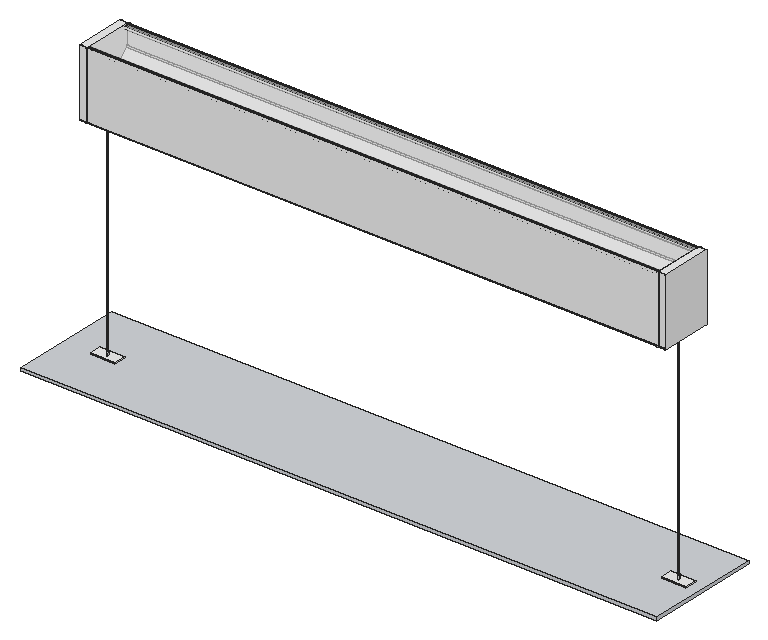
Revit family
Parameters (values of type "BBDILED-640-400-80-40-ASO-4")
  With Multiple Lamps = Fixture Length > 108"  # no
  With Additional Lamp = and(Fixture Length < 120", Fixture Length > 48")  # no
  Wattage = 40 W
  built-in parameter 1150110 = 1 (stored number, unit not read)
  Voltage = 120 V
  URL = "http://www.axislighting.com/CMS/itemsDetail_beam4LED.php?205"
  built-in parameter 1114217 = 1 (stored number, unit not read)
  Total Lamp Wattage = Lamp Wattage * Number of Lamps  # 34.8 VA
  Tilt Angle = 90.00°
  built-in parameter 1150109 = 1 (stored number, unit not read)
  built-in parameter 1150134 = (empty or 0)
  Suspension Length [instance] = 18"
  Suspension Finish = Steel - Axis - White
  built-in parameter 1150113 = 1 (stored number, unit not read)
  Reflector Finish = Steel - Axis - White Powder Coated
  Product Order Length = 48"
  Product ID = "BBDILED"
  Photometric Web File = "BBDILED-B3-MF-640-400-80-35-SO.ies"
  Other = ""
  Optics Length = Fixture Length - 1 1/4"  # 46 3/4"
  Number of Lamps = Product Order Length / 12"  # 4
  Mounting Configuration = if(Product Order Length < 156", 2, if(Product Order Length < 300", 3, if(Product Order Length < 444", 4, if(Product Order Length < 564", 5, if(Product Order Length < 708", 6, if(Product Order Length < 852", 7, if(Product Order Length < 972", 8, if(Product Order Length = 1296", 11, if(Product Order Length = 1680", 13, if(Product Order Length = 1776", 14, if(Product Order Length = 1848", 15, if(Product Order Length = 1872", 15, if(Product Order Length = 1896", 15, 2)))))))))))))  # 2
  Model = "BEAM4 LED Pendant Asymmetric Mount - Direct/Indirect"
  Manufacturer = "Axis Lighting"
  built-in parameter 1150105 = 331.04 (stored number, unit not read)
  Lumens = 4160 lm
  built-in parameter 1150115 = 1 (stored number, unit not read)
  built-in parameter 1150137 = (empty or 0)
  built-in parameter 1150139 = (empty or 0)
  Lens Length = if(Fixture Length > 108", (Fixture Length - (2 * End Cap Length)) / Lamp Configuration, Fixture Length - (2 * End Cap Length))  # 46 3/4"
  Lens Finish = Acrylic - Axis - Frosted
  Lamp Wattage = 8.7 VA
  built-in parameter 1150112 = 1 (stored number, unit not read)
  Lamp Multiplier = if(Fixture Length > 108", (Fixture Length / 48") - 1, 2)  # 2
  built-in parameter 1150114 = 1 (stored number, unit not read)
  Lamp Distance = Lens Length  # 46 3/4"
  Lamp Configuration = if(Product Order Length > 96", Product Order Length / 48", 2)  # 2
  Lamp = "LED"
  Keynote = "16510"
  built-in parameter 1150132 = 2
  built-in parameter 1150102 = (empty or 0)
  built-in parameter 1150107 = 3500 (stored number, unit not read)
  built-in parameter 1150138 = (empty or 0)
  built-in parameter 1150106 = 3.3104 (stored number, unit not read)
  IC Controls = ""
  Housing Finish = Aluminum - Axis - White
  Fixture Width = 4 5/32"  # constant formula
  Fixture Length = Product Order Length  # 48"
  Fixture Depth = 5 1/2"  # constant formula
  End Cap Length = 5/8"  # constant formula
  Emit from Line Length = Lamp Distance  # 46 3/4"
  built-in parameter 1150104 = 9.6619 (stored number, unit not read)
  Dimming Lamp Color Temperature Shift = (empty or 0)
  Description = "LED Pendant Asymmetric Mount Direct/Indirect Lighting Fixture with Spotless Lens"
  Default Elevation = 48"
  Custom = ""
  Color Filter = 16777215
  Circuit = 1
  built-in parameter 1114218 = 1 (stored number, unit not read)
  built-in parameter 1150133 = 10 (stored number, unit not read)
  Assembly Code = "D5020200"
  Apparent Load = Total Lamp Wattage  # 34.8 VA
Types (5): name | With Additional Lamp | Wattage | Total Lamp Wattage | Product Order Length | Optics Length | Number of Lamps | Model | built-in parameter 1150105 | Lumens | Lens Length | Lamp Distance | built-in parameter 1150106 | Fixture Length | Emit from Line Length | Apparent Load
  (no name) | no | 40 W | 34.8 VA | 48" | 46 3/4" | 4 | "BEAM4 LED Pendant Asymmetric Mount - Direct/Indirect" | 331.04 (stored number, unit not read) | 4160 lm | 46 3/4" | 46 3/4" | 3.3104 (stored number, unit not read) | 48" | 46 3/4" | 34.8 VA
  BBDILED-640-400-80-40-ASO-4 | no | 40 W | 34.8 VA | 48" | 46 3/4" | 4 | "BEAM4 LED Pendant Asymmetric Mount - Direct/Indirect" | 331.04 (stored number, unit not read) | 4160 lm | 46 3/4" | 46 3/4" | 3.3104 (stored number, unit not read) | 48" | 46 3/4" | 34.8 VA
  BBDILED-640-400-80-40-ASO-2 | no | 20 W | 17.4 VA | 24" | 22 3/4" | 2 | "BEAM4 LED Asymmetric Pendant Mount - Direct/Indirect" | 165.52 (stored number, unit not read) | 2080 lm | 22 3/4" | 22 3/4" | 1.6552 (stored number, unit not read) | 24" | 22 3/4" | 17.4 VA
  BBDILED-640-400-80-40-ASO-3 | no | 30 W | 26.1 VA | 36" | 34 3/4" | 3 | "BEAM4 LED Pendant Asymmetric Mount - Direct/Indirect" | 248.28 (stored number, unit not read) | 3120 lm | 34 3/4" | 34 3/4" | 2.4828 (stored number, unit not read) | 36" | 34 3/4" | 26.1 VA
  BBDILED-640-400-80-40-ASO-5 | yes | 50 W | 43.5 VA | 60" | 58 3/4" | 5 | "BEAM4 LED Asymmetric Pendant Mount - Direct/Indirect" | 413.8 (stored number, unit not read) | 5200 lm | 58 3/4" | 58 3/4" | 4.138 (stored number, unit not read) | 60" | 58 3/4" | 43.5 VA
Reference planes (in)
  plane 1 "Center (Front/Back)": y = 0
  plane 2: z = 0
  plane 3 "Center (Left/Right)": x = 0
  plane 4: x = -24
  plane 5: x = 24
  plane 6: x = -23.375
  plane 7: x = 23.375
  plane 8: z = 18
  plane 9: y = -2.07813
  plane 10: y = 2.07812
  plane 11: z = 23.5
  plane 12: z = 20.84375
  plane 13: z = 19.85
  plane 14: x = -23.375
  plane 15: x = 23.375
  plane 16: x = 0
  plane 17: x = 70.125
  plane 18: x = 46.75
  plane 19: x = -23.375
  plane 20: x = 23.375
  plane 21: x = 0
Forms (in)
  Extrusion 1, solid
    sketch origin (0, 0, 0) x (1, 0, 0) y (0, 1, 0)
      loop
        line (-26.75, 4.70508) -> (-26.75, -4.70508) -> (25.31417, -4.70508) -> (25.31417, 4.70508) -> (-26.75, 4.70508)
    from 0 to -0.25
  Extrusion 2, solid, material "Aluminum - Axis - White" <- "Housing Finish"
    sketch origin (0, 0, 0) x (0, 1, 0) y (0, 0, 1)
      loop
        line (2.04687, 23.5) -> (-2.04688, 23.5)
        arc (-2.04688, 23.5) -> (-2.06897, 23.49085) -> (-2.07813, 23.46875) r 0.03125
        line (-2.07813, 23.46875) -> (-2.07813, 18.03125)
        arc (-2.07813, 18.03125) -> (-2.06897, 18.00915) -> (-2.04688, 18) r 0.03125
        line (-2.04688, 18) -> (2.04687, 18)
        arc (2.04687, 18) -> (2.06897, 18.00915) -> (2.07812, 18.03125) r 0.03125
        line (2.07812, 18.03125) -> (2.07812, 23.46875)
        arc (2.07812, 23.46875) -> (2.06897, 23.49085) -> (2.04687, 23.5) r 0.03125
    from -24 to -23.375
  Extrusion 3, solid, material "Aluminum - Axis - White" <- "Housing Finish"
    sketch origin (0, 0, 0) x (0, 1, 0) y (0, 0, 1)
      loop
        line (2.04687, 23.5) -> (-2.04688, 23.5)
        arc (-2.04688, 23.5) -> (-2.06897, 23.49085) -> (-2.07813, 23.46875) r 0.03125
        line (-2.07813, 23.46875) -> (-2.07813, 18.03125)
        arc (-2.07813, 18.03125) -> (-2.06897, 18.00915) -> (-2.04688, 18) r 0.03125
        line (-2.04688, 18) -> (2.04687, 18)
        arc (2.04687, 18) -> (2.06897, 18.00915) -> (2.07812, 18.03125) r 0.03125
        line (2.07812, 18.03125) -> (2.07812, 23.46875)
        arc (2.07812, 23.46875) -> (2.06897, 23.49085) -> (2.04687, 23.5) r 0.03125
    from 23.375 to 24
  Extrusion 4, solid, material "Acrylic - Axis - Frosted" <- "Lens Finish"
    sketch origin (0, 0, 0) x (0, 1, 0) y (0, 0, 1)
      loop
        line (1.96562, 18.05) -> (-1.96563, 18.05) -> (-1.96563, 18) -> (1.96562, 18) -> (1.96562, 18.05)
    from -23.375 to 23.375
  Sweep 5, solid, material "Steel - Axis - White Powder Coated" <- "Reflector Finish"
    path origin (0, 0, 0) x (1, 0, 0) y (0, 1, 0)
      loop
        line (23.375, 0) -> (-23.375, 0)
    profile "BBDILED-ASY-Profile-Reflector : BBDILED-ASY-Profile-Reflector" origin (0, 0, 0) x (0, -1, 0) y (0, 0, 1)
      loop
        line (1.54761, 18.48068) -> (0.21545, 19.26483) -> (0.19959, 19.2379) -> (1.5391, 18.44943) -> (1.87627, 18.44943) -> (1.87627, 18.48068) -> (1.54761, 18.48068)
      loop
        line (-0.86692, 19.57796) -> (-1.65215, 18.48068) -> (-1.85302, 18.48068) -> (-1.85302, 18.44943) -> (-1.63609, 18.44943) -> (-0.85085, 19.54671) -> (-0.32503, 19.54671) -> (-0.2313, 19.49153) -> (-0.21545, 19.51846) -> (-0.31652, 19.57796) -> (-0.86692, 19.57796)
      loop
        line (1.64674, 22.99915) -> (0.15448, 21.50353) -> (0.17658, 21.48144) -> (1.66386, 22.97206) -> (1.82172, 23.02804) -> (1.87597, 23.02804) -> (1.87597, 23.05929) -> (1.81635, 23.05929) -> (1.64674, 22.99915)
      loop
        line (-1.86599, 21.99926) -> (-1.89724, 21.99926) -> (-1.89724, 21.79232) -> (-0.96336, 20.89158) -> (-0.41196, 20.89158) -> (-0.17658, 21.12749) -> (-0.19867, 21.14958) -> (-0.42492, 20.92283) -> (-0.67492, 20.92283) -> (-0.95074, 20.92283) -> (-1.86599, 21.8056) -> (-1.86599, 21.99926)
  Sweep 6, solid, material "Acrylic - Axis - Frosted" <- "Lens Finish"
    path origin (0, 0, 0) x (1, 0, 0) y (0, 1, 0)
      loop
        line (23.375, 0) -> (-23.375, 0)
    profile "BBDILED-Profile-Lens : BBDILED-Profile-Lens" origin (0, 0, 0) x (0, -1, 0) y (0, 0, 1)
      loop
        line (-1.79405, 23.43) -> (1.79405, 23.43)
        arc (1.79405, 23.43) -> (1.81337, 23.41518) -> (1.80405, 23.39268) r 0.02
        line (1.80405, 23.39268) -> (1.74405, 23.35804)
        arc (1.74405, 23.35804) -> (1.73673, 23.33072) -> (1.76405, 23.3234) r 0.02
        line (1.76405, 23.3234) -> (1.83782, 23.36599) -> (1.86011, 23.30536)
        arc (1.86011, 23.30536) -> (1.85982, 23.21545) -> (1.80089, 23.14755) r 0.12908
        arc (1.80089, 23.14755) -> (1.79294, 23.1204) -> (1.82008, 23.11245) r 0.02
        arc (1.82008, 23.11245) -> (1.89727, 23.2014) -> (1.89766, 23.31916) r 0.16908
        line (1.89766, 23.31916) -> (1.86558, 23.40637)
        arc (1.86558, 23.40637) -> (1.86854, 23.42931) -> (1.88905, 23.44) r 0.025
        line (1.88905, 23.44) -> (1.93835, 23.44) -> (1.96019, 23.5) -> (-1.96019, 23.5) -> (-1.93835, 23.44) -> (-1.88905, 23.44)
        arc (-1.88905, 23.44) -> (-1.86854, 23.42931) -> (-1.86558, 23.40637) r 0.025
        line (-1.86558, 23.40637) -> (-1.89766, 23.31916)
        arc (-1.89766, 23.31916) -> (-1.89727, 23.2014) -> (-1.82008, 23.11245) r 0.16908
        arc (-1.82008, 23.11245) -> (-1.79294, 23.1204) -> (-1.80089, 23.14755) r 0.02
        arc (-1.80089, 23.14755) -> (-1.85982, 23.21545) -> (-1.86011, 23.30536) r 0.12908
        line (-1.86011, 23.30536) -> (-1.83782, 23.36599) -> (-1.76405, 23.3234)
        arc (-1.76405, 23.3234) -> (-1.73673, 23.33072) -> (-1.74405, 23.35804) r 0.02
        line (-1.74405, 23.35804) -> (-1.80405, 23.39268)
        arc (-1.80405, 23.39268) -> (-1.81337, 23.41518) -> (-1.79405, 23.43) r 0.02
  Sweep 7, solid, material "Aluminum - Axis - White" <- "Housing Finish"
    path origin (0, 0, 0) x (1, 0, 0) y (0, 1, 0)
      loop
        line (23.375, 0) -> (-23.375, 0)
    profile "BBDILED-Profile-Housing : BBDILED-Profile-Housing" origin (0, 0, 0) x (0, -1, 0) y (0, 0, 1)
      loop
        line (-2.07812, 23.46875) -> (-2.07812, 18.03125)
        arc (-2.07812, 18.03125) -> (-2.06897, 18.00915) -> (-2.04687, 18) r 0.03125
        line (-2.04687, 18) -> (-1.98812, 18) -> (-1.98812, 18.0857) -> (-1.94473, 18.0857) -> (-1.92694, 18.04378) -> (-1.89012, 18.0594) -> (-1.92781, 18.1482) -> (-2.00312, 18.1482) -> (-2.00312, 23.365)
        arc (-2.00312, 23.365) -> (-1.99727, 23.37914) -> (-1.98312, 23.385) r 0.02
        line (-1.98312, 23.385) -> (-1.88312, 23.385)
        arc (-1.88312, 23.385) -> (-1.87013, 23.3925) -> (-1.87013, 23.4075) r 0.015
        line (-1.87013, 23.4075) -> (-1.89179, 23.445) -> (-1.98812, 23.445) -> (-1.98812, 23.48)
        arc (-1.98812, 23.48) -> (-1.99398, 23.49414) -> (-2.00812, 23.5) r 0.02
        line (-2.00812, 23.5) -> (-2.04687, 23.5)
        arc (-2.04687, 23.5) -> (-2.06897, 23.49085) -> (-2.07812, 23.46875) r 0.03125
      loop
        arc (2.07813, 23.46875) -> (2.06897, 23.49085) -> (2.04688, 23.5) r 0.03125
        line (2.04688, 23.5) -> (2.00813, 23.5)
        arc (2.00813, 23.5) -> (1.99398, 23.49414) -> (1.98813, 23.48) r 0.02
        line (1.98813, 23.48) -> (1.98813, 23.445) -> (1.89179, 23.445) -> (1.87013, 23.4075)
        arc (1.87013, 23.4075) -> (1.87013, 23.3925) -> (1.88313, 23.385) r 0.015
        line (1.88313, 23.385) -> (1.98313, 23.385)
        arc (1.98313, 23.385) -> (1.99727, 23.37914) -> (2.00313, 23.365) r 0.02
        line (2.00313, 23.365) -> (2.00313, 18.1482) -> (1.92781, 18.1482) -> (1.89012, 18.0594) -> (1.92694, 18.04378) -> (1.94473, 18.0857) -> (1.98813, 18.0857) -> (1.98813, 18) -> (2.04688, 18)
        arc (2.04688, 18) -> (2.06897, 18.00915) -> (2.07813, 18.03125) r 0.03125
        line (2.07813, 18.03125) -> (2.07813, 23.46875)
Dimensions and locks (in)
  "Fixture Length": plane 4 to plane 5
  equal spacing: plane 4, plane 3 "Center (Left/Right)", plane 5
  locked: plane 4 to plane 6 at 0.625
  locked: plane 7 to plane 5 at 0.625
  "Suspension Length": plane 8 to plane 2
  "Fixture Width": plane 9 to plane 10
  equal spacing: plane 9, plane 1 "Center (Front/Back)", plane 10
  "Fixture Depth": plane 11 to plane 8
  locked: Extrusion 4 sketch curve to plane 9 at 0.1125
  locked: plane 10 to Extrusion 4 sketch curve at 0.1125
  locked: Extrusion 4 sketch curve to plane 8 at 0.05
  locked: plane 12 to plane 8 at 2.84375
  group 1 to group 2 = 46 3/4"
  group 1 to group 2 = 0"  (x2)
  "Lamp Distance": plane 14 to plane 15
  equal spacing: plane 14, plane 16, plane 15
  "Lamp Distance": plane 15 to plane 17
  equal spacing: plane 15, plane 18, plane 17
  "Lamp Distance": plane 19 to plane 20
  equal spacing: plane 19, plane 21, plane 20
  group 3 to group 4 = 46 3/4"
  group 3 to group 4 = 0"  (x2)
  locked: plane 13 to plane 8 at 1.85
  aligned and locked: plane 2 to Extrusion 1
  aligned and locked: level to Extrusion 1
  aligned and locked: plane 1 "Center (Front/Back)" to nested 1
  aligned and locked: plane 3 "Center (Left/Right)" to nested 1
  aligned and locked: plane 11 to Extrusion 2 sketch curve
  aligned and locked: plane 9 to Extrusion 2 sketch curve
  aligned and locked: plane 8 to Extrusion 2 sketch curve
  aligned and locked: plane 10 to Extrusion 2 sketch curve
  aligned and locked: Extrusion 2 to plane 4
  aligned and locked: plane 6 to Extrusion 2
  aligned and locked: plane 11 to Extrusion 3 sketch curve
  aligned and locked: plane 9 to Extrusion 3 sketch curve
  aligned and locked: plane 8 to Extrusion 3 sketch curve
  aligned and locked: plane 10 to Extrusion 3 sketch curve
  aligned and locked: plane 5 to Extrusion 3
  aligned and locked: Extrusion 3 to plane 7
  aligned and locked: plane 8 to Extrusion 4 sketch curve
  aligned and locked: Extrusion 4 to plane 6
  aligned and locked: plane 7 to Extrusion 4
  aligned and locked: plane 1 "Center (Front/Back)" to imposter light
  aligned and locked: imposter light to plane 13
  aligned and locked: Sweep 5 sketch curve to plane 1 "Center (Front/Back)"
  aligned and locked: plane 6 to Sweep 5 sketch curve
  aligned and locked: plane 7 to Sweep 5 sketch curve
  aligned and locked: Sweep 6 sketch curve to plane 1 "Center (Front/Back)"
  aligned and locked: plane 6 to Sweep 6 sketch curve
  aligned and locked: plane 7 to Sweep 6 sketch curve
  aligned and locked: Sweep 7 sketch curve to plane 1 "Center (Front/Back)"
  aligned and locked: plane 7 to Sweep 7 sketch curve
  aligned and locked: plane 6 to Sweep 7 sketch curve
  aligned and locked: nested 2 to plane 2
  aligned and locked: plane 1 "Center (Front/Back)" to nested 2
  aligned and locked: plane 6 to nested 2
  aligned and locked: plane 7 to nested 3
  aligned and locked: plane 1 "Center (Front/Back)" to nested 3
  aligned and locked: nested 3 to plane 2
  aligned and locked: plane 14 to plane 6
  aligned and locked: imposter light to plane 16
  aligned and locked: plane 20 to plane 7
  aligned and locked: plane 21 to nested 4
  aligned and locked: plane 1 "Center (Front/Back)" to nested 4
  aligned and locked: plane 18 to nested 5
  aligned and locked: plane 1 "Center (Front/Back)" to nested 5
  aligned and locked: plane 21 to nested 6
  aligned and locked: plane 1 "Center (Front/Back)" to nested 6
Automatic sketch dimensions
  Extrusion 1 sketch curve to Extrusion 1 sketch curve = 52.06417"
  Extrusion 1 sketch curve to Extrusion 1 sketch curve = 9 105/256"
  Extrusion 2 sketch curve to plane 9 = 1/32"  (x2)
  Extrusion 2 sketch curve to Extrusion 2 sketch curve = 1/32"  (x2)
  Extrusion 3 sketch curve to plane 9 = 1/32"
  Extrusion 3 sketch curve to Extrusion 3 sketch curve = 1/32"  (x2)
  plane 10 to Extrusion 3 sketch curve = 1/32"
Nested families (in)
  nested 1: "Lighting-Pendant-Axis-Symbol" at (0, 0, 0), type "Lighting-Pendant-Axis-Symbol"
  nested 2: "BBDILED-Component-Suspension" at (-23.375, 0, 0), type "Cable"
  nested 3: "BBDILED-Component-Suspension" at (23.375, 0, 0), type "Cable"
  nested 4: "BBDILED-Light" at (0, 0, 0), visible <- "With Multiple Lamps", type "Multiple"
  nested 5: "BBDILED-Light" at (46.75, 0, 0), visible <- "With Multiple Lamps", type "Multiple"
  nested 6: "BBDILED-Light" at (0, 0, 0), visible <- "With Additional Lamp", type "Additional"
Connectors (in)
  electrical at (-23.375, 0, 0), driven by "Voltage", driven by "Apparent Load"
    settings: on nested 2, index 1, voltage 120 V, apparent load 0 VA, apparent load phase1 34.8 VA, apparent load phase2 0 VA, apparent load phase3 0 VA, power factor 1, load classification "Lighting", number of poles 1, system type 31, power factor state 1, is connector primary yes, connector utility no, sub classification motor no, connector description "Lighting Fixture Power"
Definition of nested family "BBDILED-Component-Suspension"
  Parameters (values of type "Cable")
    Suspension Length = 18"
    Finish = Steel - Axis - White
    Assembly Code = ""
  Reference planes (in)
    plane 1 "Center (Front/Back)": y = 0
    plane 2: z = 0
    plane 3 "Center (Left/Right)": x = 0
    plane 4: z = 18
    plane 5: y = 0.5
    plane 6: y = -0.5
    plane 7: x = -1
    plane 8: x = 1
    plane 9: z = 0.0625
    plane 10: z = 0.375
    plane 11: z = 17.875
    plane 12: z = 17.6875
  Forms (in)
    Extrusion 1, solid, material "Steel - Axis - White" <- "Finish"
      sketch origin (0, 0, 0) x (1, 0, 0) y (0, 1, 0)
        loop
          circle (0, 0) r 0.25
      from 17.875 to 18
    Extrusion 2, solid, material "Steel - Axis - White" <- "Finish"
      sketch origin (0, 0, 0) x (1, 0, 0) y (0, 1, 0)
        loop
          circle (0, 0) r 0.0625
      from 17.6875 to 17.875
    Extrusion 3, solid, material "Steel - Axis - White" <- "Finish"
      sketch origin (0, 0, 0) x (1, 0, 0) y (0, 1, 0)
        loop
          circle (0, 0) r 0.03125
      from 17.6875 to 0.375
    Extrusion 4, solid, material "Steel - Axis - White" <- "Finish"
      sketch origin (0, 0, 0) x (1, 0, 0) y (0, 1, 0)
        loop
          circle (0, 0) r 0.0625
      from 0.0625 to 0.375
    Extrusion 5, solid, material "Steel - Axis - White" <- "Finish"
      sketch origin (0, 0, 0) x (1, 0, 0) y (0, 1, 0)
        loop
          line (-1, -0.5) -> (1, -0.5) -> (1, 0.5) -> (-1, 0.5) -> (-1, -0.5)
      from 0 to 0.0625
  Dimensions and locks (in)
    equal spacing: plane 7, plane 3 "Center (Left/Right)", plane 8
    plane 7 to plane 8 = 2"
    equal spacing: plane 6, plane 1 "Center (Front/Back)", plane 5
    plane 6 to plane 5 = 1"
    Extrusion 4 to Extrusion 5 to Extrusion 5 = 0", 1/16"
    Extrusion 1 to Extrusion 2 to level = 1/8", 17 7/8"
    "Suspension Length": plane 4 to level
    plane 10 to plane 9 to plane 2 = 5/16" locked, 1/16" locked
    plane 4 to plane 11 to plane 12 = 1/8" locked, 3/16" locked
    radius of Extrusion 4 sketch curve = 1/16"
    radius of Extrusion 3 sketch curve = 1/32"
    radius of Extrusion 2 sketch curve = 1/16"
    radius of Extrusion 1 sketch curve = 1/4"
    aligned and locked: plane 2 to level
    aligned and locked: plane 6 to Extrusion 5 sketch curve
    aligned and locked: Extrusion 5 sketch curve to plane 7
    aligned and locked: Extrusion 5 sketch curve to plane 5
    aligned and locked: plane 8 to Extrusion 5 sketch curve
    aligned: plane 4 to Extrusion 5
    aligned: Extrusion 1 to level
    aligned: Extrusion 3 to Extrusion 4
    aligned: Extrusion 3 to Extrusion 2
    aligned: Extrusion 4 to Extrusion 5
    aligned and locked: Extrusion 5 to plane 2
    aligned and locked: plane 9 to Extrusion 5
    aligned and locked: Extrusion 4 to plane 9
    aligned and locked: plane 10 to Extrusion 4
    aligned and locked: plane 4 to Extrusion 1
    aligned and locked: Extrusion 1 to plane 11
    aligned and locked: plane 11 to Extrusion 2
    aligned and locked: Extrusion 2 to plane 12
    aligned and locked: plane 12 to Extrusion 3
    aligned and locked: Extrusion 3 to plane 10
  Automatic sketch dimensions
    plane 1 "Center (Front/Back)" to Extrusion 1 sketch curve = 0"
    Extrusion 1 sketch curve to plane 3 "Center (Left/Right)" = 0"
    plane 1 "Center (Front/Back)" to Extrusion 2 sketch curve = 0"
    Extrusion 2 sketch curve to plane 3 "Center (Left/Right)" = 0"
    plane 1 "Center (Front/Back)" to Extrusion 3 sketch curve = 0"
    Extrusion 3 sketch curve to plane 3 "Center (Left/Right)" = 0"
    plane 1 "Center (Front/Back)" to Extrusion 4 sketch curve = 0"
    Extrusion 4 sketch curve to plane 3 "Center (Left/Right)" = 0"
Definition of nested family "Lighting-Pendant-Axis-Symbol"
  Parameters (values of type "Lighting-Pendant-Axis-Symbol")
    Width = 4 3/16"
    Length = 47 9/16"
    Assembly Code = ""
  Reference planes (in)
    plane 1 "Center (Front/Back)": y = 0
    plane 2: z = 0
    plane 3 "Center (Left/Right)": x = 0
  Lines and regions (in)
    Masking region 1, in view "Ref. Level"
      outline origin (0, 0, 0) x (1, 0, 0) y (0, 1, 0)
        loop
          line (-23.78125, -2.09375) -> (23.78125, -2.09375) -> (23.78125, 2.09375) -> (-23.78125, 2.09375) -> (-23.78125, -2.09375)
    detail lines, style "Pendant Lights", in view "Ref. Level", detail levels coarse+medium
      curve 1: line (-23.78125, 2.09375, 0) -> (23.78125, 2.09375, 0)
      curve 2: line (-23.78125, -2.09375, 0) -> (-23.78125, 2.09375, 0)
      curve 3: line (23.78125, -2.09375, 0) -> (-23.78125, -2.09375, 0)
      curve 4: line (23.78125, 2.09375, 0) -> (23.78125, -2.09375, 0)
    detail lines, style "Pendant Lights", in view "Ref. Level"
      curve 5: circle (-23.15625, 0, 0) r 0.25 normal (0, 0, 1)
      curve 6: circle (23.15625, 0, 0) r 0.25 normal (0, 0, 1)
  Dimensions and locks (in)
    "Length": curve 2 to curve 4
    "Width": curve 1 to curve 3
    equal spacing: curve 2, plane 3 "Center (Left/Right)", curve 4
    equal spacing: curve 1, plane 1 "Center (Front/Back)", curve 3
    locked: curve 2 to curve 5 at 0.625
    locked: curve 6 to curve 4 at 0.625
    equal spacing: curve 1, curve 5, curve 3
    equal spacing: curve 1, curve 6, curve 3
    aligned and locked: Masking region 1 sketch curve to curve 3
    aligned and locked: Masking region 1 sketch curve to curve 2
    aligned and locked: Masking region 1 sketch curve to curve 1
    aligned and locked: Masking region 1 sketch curve to curve 4
  Automatic sketch dimensions
    radius of curve 5 = 1/4"
    radius of curve 6 = 1/4"
Definition of nested family "BBDILED-Light"
  Parameters (values of type "Additional")
    Wattage = 40 W
    built-in parameter 1150110 = 1 (stored number, unit not read)
    built-in parameter 1114217 = 1 (stored number, unit not read)
    Tilt Angle = 90.00°
    built-in parameter 1150109 = 1 (stored number, unit not read)
    built-in parameter 1150134 = (empty or 0)
    Suspension Length = 18"
    built-in parameter 1150113 = 1 (stored number, unit not read)
    Photometric Web File = "BBDILED-B3-MF-640-400-80-35-SO.ies"
    built-in parameter 1150105 = 331.04 (stored number, unit not read)
    Lumens = 4160 lm
    built-in parameter 1150115 = 1 (stored number, unit not read)
    built-in parameter 1150137 = (empty or 0)
    built-in parameter 1150139 = (empty or 0)
    built-in parameter 1150112 = 1 (stored number, unit not read)
    built-in parameter 1150114 = 1 (stored number, unit not read)
    built-in parameter 1150132 = 2
    built-in parameter 1150102 = (empty or 0)
    built-in parameter 1150107 = 3500 (stored number, unit not read)
    built-in parameter 1150138 = (empty or 0)
    built-in parameter 1150106 = 3.3104 (stored number, unit not read)
    Emit from Line Length = 46 3/4"
    built-in parameter 1150104 = 9.6619 (stored number, unit not read)
    Dimming Lamp Color Temperature Shift = (empty or 0)
    Default Elevation = 48"
    Color Filter = 16777215
    built-in parameter 1114218 = 1 (stored number, unit not read)
    built-in parameter 1150133 = 10 (stored number, unit not read)
    Assembly Code = ""
  Types (2): name
    Additional
    Multiple
  Reference planes (in)
    plane 1 "Center (Front/Back)": y = 0
    plane 2: z = 0
    plane 3 "Center (Left/Right)": x = 0
    plane 4: z = 18
    plane 5: z = 19.85
  Forms (in)
    Extrusion 1, solid
      sketch origin (0, 0, 0) x (1, 0, 0) y (0, 1, 0)
        loop
          line (-48, 48) -> (-48, -48) -> (48, -48) -> (48, 48) -> (-48, 48)
      from 0 to -12
  Dimensions and locks (in)
    "Suspension Length": plane 4 to level
    locked: plane 5 to plane 4 at 1.85
    aligned and locked: plane 2 to Extrusion 1
    aligned and locked: level to Extrusion 1
    aligned and locked: plane 3 "Center (Left/Right)" to imposter light
    aligned and locked: plane 1 "Center (Front/Back)" to imposter light
    aligned and locked: imposter light to plane 5
  Automatic sketch dimensions
    Extrusion 1 sketch curve to Extrusion 1 sketch curve = 96"  (x2)
